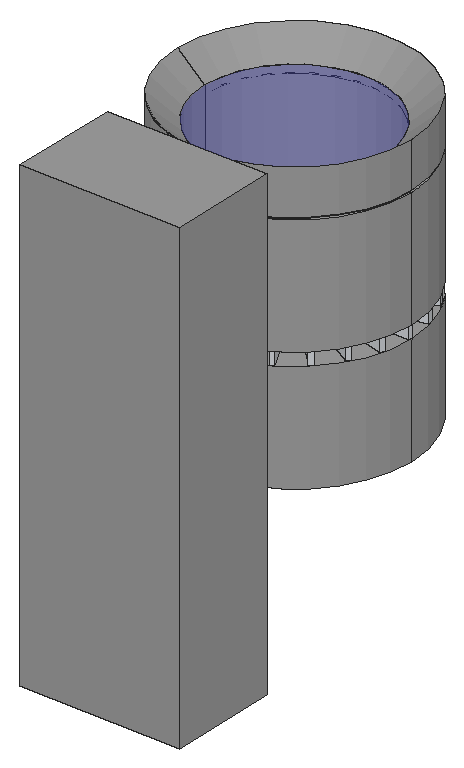
Revit family "Alcon-13308-Revit-Family", category Generic Models, host Face, Revit 2025
Family settings
  Host = Face
  Can host rebar = No
  Round Connector Dimension = Use Diameter
  Part Type = Normal
  Cut with Voids When Loaded = No
  Maintain Annotation Orientation = No
  Shared = No
  Room Calculation Point = No
Parameters
  URL = "https://www.alconlighting.com/?srsltid=AfmBOooDPhGQ0dEP-X2PMtxFfvvWpIAEL4jCll_O2F4_to5onvhnBomy"
  Product Page URL = "https://www.alconlighting.com/13308.html"
  Model = "13308"
  Manufacturer = "ALCON Lighting"
  Fixture Rotation = 90.00°
  Default Elevation = 4' - 0"
  Body = Default
Reference planes (in)
  plane 1 "Center (Front/Back)": y = 0
  plane 2: z = 0
  plane 3 "Center (Left/Right)": x = 0
Forms (in)
  Extrusion 1, solid, material "Default" <- "Body"
    sketch origin (0, -1.49745, 0.5) x (1, 0, 0) y (0, -1, 0)
      loop
        arc (-0.375, -0.3125) -> (-0.35669, -0.35669) -> (-0.3125, -0.375) r 0.0625
        line (-0.3125, -0.375) -> (0.3125, -0.375)
        arc (0.3125, -0.375) -> (0.35669, -0.35669) -> (0.375, -0.3125) r 0.0625
        line (0.375, -0.3125) -> (0.375, 0.3125)
        arc (0.375, 0.3125) -> (0.35669, 0.35669) -> (0.3125, 0.375) r 0.0625
        line (0.3125, 0.375) -> (-0.3125, 0.375)
        arc (-0.3125, 0.375) -> (-0.35669, 0.35669) -> (-0.375, 0.3125) r 0.0625
        line (-0.375, 0.3125) -> (-0.375, -0.3125)
    from 0 to 0.5
  Extrusion 2, solid, material "Default" <- "Body"
    sketch origin (0, -2.72745, 0.5) x (1, 0, 0) y (0, 1, 0)
      loop
        line (-1.19, 0.74) -> (-1.19, -0.9) -> (1.19, -0.9) -> (1.19, 0.74) -> (-1.19, 0.74)
    from 0 to 6.97
  Extrusion 3, solid
    sketch origin (0, -1.49745, 0.5) x (1, 0, 0) y (0, 1, 0)
      loop
        line (0.3125, 0.4375) -> (-0.3125, 0.4375)
        arc (-0.3125, 0.4375) -> (-0.40089, 0.40089) -> (-0.4375, 0.3125) r 0.125
        line (-0.4375, 0.3125) -> (-0.4375, -0.49) -> (0.4375, -0.49) -> (0.4375, 0.3125)
        arc (0.4375, 0.3125) -> (0.40089, 0.40089) -> (0.3125, 0.4375) r 0.125
    from 0 to 0.625
Lines and regions (in)
  reference lines
    curve 1: line (0, 0, 4) -> (0, 0, 5.09464)
    curve 2: line (-3.985, 0, 5.09464) -> (4.015, 0, 5.09464)
Dimensions and locks (in)
  "Fixture Rotation": angle nested 1 to curve 2
  aligned and locked: plane 2 to host face
  aligned and locked: level to host face
Automatic sketch dimensions
  host sketch curve to host sketch curve = 8' - 0"  (x2)
  Extrusion 1 sketch curve to plane 3 "Center (Left/Right)" = 0' - 0 3/8"
  Extrusion 1 sketch curve to Extrusion 1 sketch curve = 0' - 0 1/16"  (x3)
  plane 3 "Center (Left/Right)" to Extrusion 1 sketch curve = 0' - 0 5/16"  (x2)
  plane 1 "Center (Front/Back)" to Extrusion 1 sketch curve = 0' - 1.87245"
  Extrusion 1 sketch curve to Extrusion 1 sketch curve = 0' - 0 5/8"
  Extrusion 1 to Extrusion 2 sketch curve = 0' - 0.815"  (x2)
  Extrusion 1 to Extrusion 2 sketch curve = 0' - 0.115"
  Extrusion 2 sketch curve to Extrusion 2 sketch curve = 0' - 1.64"
  curve 1 to plane 3 "Center (Left/Right)" = 0' - 0"
  level to curve 1 = 0' - 4"
  curve 2 to curve 1 = 0' - 3.985"
  plane 3 "Center (Left/Right)" to curve 2 = 0' - 4.015"
  curve 1 to curve 2 = 0' - 1.09464"
  Extrusion 3 sketch curve to Extrusion 1 = 0' - 0 1/16"
  Extrusion 1 to Extrusion 3 sketch curve = 0' - 0 1/16"
  Extrusion 1 to Extrusion 3 sketch curve = 0' - 0.115"
  radius of Extrusion 1 to Extrusion 3 sketch curve = 0' - 0 1/16"
Nested families (in)
  nested 1: "Alcon - 13308 Cylinder" at (0.0075, 0, 5.10214) x (0, 0, -1) z (0, -1, 0), type "Alcon - 13308 Cylinder"
    with built-in parameter 1001306 0.33333 (stored number, unit not read)
Definition of nested family "Alcon - 13308 Cylinder"
  Parameters (values of type "Alcon - 13308 Cylinder")
    Wattage = 9.2903 W
    built-in parameter 1150110 = 1 (stored number, unit not read)
    built-in parameter 1114217 = 1 (stored number, unit not read)
    Tilt Angle = 60.00°
    built-in parameter 1150109 = 1 (stored number, unit not read)
    built-in parameter 1150134 = 3
    built-in parameter 1150113 = 1 (stored number, unit not read)
    built-in parameter 1010507 = 1.5708 (stored number, unit not read)
    built-in parameter 1010506 = 0.5236 (stored number, unit not read)
    built-in parameter 1150105 = 4614.1 (stored number, unit not read)
    Lumens = 1380 lm
    built-in parameter 1150115 = 1 (stored number, unit not read)
    Light Source Symbol Length = 10' - 0"
    built-in parameter 1150137 = (empty or 0)
    built-in parameter 1150139 = (empty or 0)
    built-in parameter 1001306 [instance] = 4' - 0"
    built-in parameter 1150112 = 1 (stored number, unit not read)
    built-in parameter 1150114 = 1 (stored number, unit not read)
    built-in parameter 1150132 = (empty or 0)
    built-in parameter 1150102 = (empty or 0)
    built-in parameter 1150107 = 3200 (stored number, unit not read)
    built-in parameter 1150138 = (empty or 0)
    built-in parameter 1150106 = 46.141 (stored number, unit not read)
    Glass = none
    built-in parameter 1150104 = 13.8 (stored number, unit not read)
    Dimming Lamp Color Temperature Shift = (empty or 0)
    Default Elevation = 0' - 0"
    Color Filter = 16777215
    Body = none
    built-in parameter 1114218 = 1 (stored number, unit not read)
    built-in parameter 1150133 = 10 (stored number, unit not read)
  Reference planes (in)
    plane 1 "Center (Front/Back)": y = 0
    plane 2: z = 0
    plane 3 "Left": x = 0
    plane 4 "Right": x = 48
  Forms (in)
    Revolve 1, solid, material <- "Body"
      sketch origin (0.905, 0, 0) x (1, 0, 0) y (0, 1, 0)
        loop
          line (-3.06, 1.75) -> (-2.69977, 1.345) -> (1.125, 1.345) -> (1.125, 0) -> (1.25, 0) -> (1.25, 1.75) -> (-2.35297, 1.75) -> (-2.35297, 1.71875) -> (-2.38422, 1.71875) -> (-2.38422, 1.75) -> (-3.06, 1.75)
        axis (1.25, 0) -> (-3.06, 0)
      angle from 0 to 360
    Extrusion 2, solid, material <- "Glass"
      sketch origin (0, 0, 0) x (0, 1, 0) y (0, 0, 1)
        loop
          circle (0, 0) r 1.345
      from -1.79477 to -1.67899
    Extrusion 3, solid, material <- "Body"
      sketch origin (0, 0, 0.58572) x (0, -1, 0) y (1, 0, 0)
        loop
          circle (0, 0) r 0.32436
      from 1.40172 to 0.99603
    Extrusion 4, void
      sketch origin (0.43826, 0, 0) x (1, 0, 0) y (0, 0, 1)
        loop
          line (-0.1139, -2.03523) -> (0.07694, -2.03523) -> (0.07694, 2.38617) -> (-0.1139, 2.38617) -> (-0.1139, -2.03523)
      from -2.23779 to 2.24226
    Extrusion 5, solid
      sketch origin (0, 0, 0) x (0, 1, 0) y (0, 0, 1)
        loop
          line (1.72849, 0.03429) -> (1.35831, 0.03429) -> (1.35831, -0.03429) -> (1.72849, -0.03429) -> (1.72849, 0.03429)
        loop
          line (1.67847, 0.41425) -> (1.66072, 0.48048) -> (1.30315, 0.38467) -> (1.3209, 0.31844) -> (1.67847, 0.41425)
        loop
          line (1.51406, 0.83455) -> (1.47977, 0.89394) -> (1.15919, 0.70885) -> (1.19347, 0.64946) -> (1.51406, 0.83455)
        loop
          line (1.24647, 1.19798) -> (1.19798, 1.24647) -> (0.93623, 0.98471) -> (0.98471, 0.93623) -> (1.24647, 1.19798)
        loop
          line (0.89394, 1.47977) -> (0.83455, 1.51406) -> (0.64946, 1.19347) -> (0.70885, 1.15919) -> (0.89394, 1.47977)
        loop
          line (0.48048, 1.66072) -> (0.41425, 1.67847) -> (0.31844, 1.3209) -> (0.38467, 1.30315) -> (0.48048, 1.66072)
        loop
          line (0.03429, 1.72849) -> (-0.03429, 1.72849) -> (-0.03429, 1.35831) -> (0.03429, 1.35831) -> (0.03429, 1.72849)
        loop
          line (-0.41425, 1.67847) -> (-0.48048, 1.66072) -> (-0.38467, 1.30315) -> (-0.31844, 1.3209) -> (-0.41425, 1.67847)
        loop
          line (-0.83455, 1.51406) -> (-0.89394, 1.47977) -> (-0.70885, 1.15919) -> (-0.64946, 1.19347) -> (-0.83455, 1.51406)
        loop
          line (-1.19798, 1.24647) -> (-1.24647, 1.19798) -> (-0.98471, 0.93623) -> (-0.93623, 0.98471) -> (-1.19798, 1.24647)
        loop
          line (-1.47977, 0.89394) -> (-1.51406, 0.83455) -> (-1.19347, 0.64946) -> (-1.15919, 0.70885) -> (-1.47977, 0.89394)
        loop
          line (-1.66072, 0.48048) -> (-1.67847, 0.41425) -> (-1.3209, 0.31844) -> (-1.30315, 0.38467) -> (-1.66072, 0.48048)
        loop
          line (-1.72849, 0.03429) -> (-1.72849, -0.03429) -> (-1.35831, -0.03429) -> (-1.35831, 0.03429) -> (-1.72849, 0.03429)
        loop
          line (-1.67847, -0.41425) -> (-1.66072, -0.48048) -> (-1.30315, -0.38467) -> (-1.3209, -0.31844) -> (-1.67847, -0.41425)
        loop
          line (-1.51406, -0.83455) -> (-1.47977, -0.89394) -> (-1.15919, -0.70885) -> (-1.19347, -0.64946) -> (-1.51406, -0.83455)
        loop
          line (-1.24647, -1.19798) -> (-1.19798, -1.24647) -> (-0.93623, -0.98471) -> (-0.98471, -0.93623) -> (-1.24647, -1.19798)
        loop
          line (-0.89394, -1.47977) -> (-0.83455, -1.51406) -> (-0.64946, -1.19347) -> (-0.70885, -1.15919) -> (-0.89394, -1.47977)
        loop
          line (-0.48048, -1.66072) -> (-0.41425, -1.67847) -> (-0.31844, -1.3209) -> (-0.38467, -1.30315) -> (-0.48048, -1.66072)
        loop
          line (-0.03429, -1.72849) -> (0.03429, -1.72849) -> (0.03429, -1.35831) -> (-0.03429, -1.35831) -> (-0.03429, -1.72849)
        loop
          line (0.41425, -1.67847) -> (0.48048, -1.66072) -> (0.38467, -1.30315) -> (0.31844, -1.3209) -> (0.41425, -1.67847)
        loop
          line (0.83455, -1.51406) -> (0.89394, -1.47977) -> (0.70885, -1.15919) -> (0.64946, -1.19347) -> (0.83455, -1.51406)
        loop
          line (1.19798, -1.24647) -> (1.24647, -1.19798) -> (0.98471, -0.93623) -> (0.93623, -0.98471) -> (1.19798, -1.24647)
        loop
          line (1.47977, -0.89394) -> (1.51406, -0.83455) -> (1.19347, -0.64946) -> (1.15919, -0.70885) -> (1.47977, -0.89394)
        loop
          line (1.66072, -0.48048) -> (1.67847, -0.41425) -> (1.3209, -0.31844) -> (1.30315, -0.38467) -> (1.66072, -0.48048)
      from 0.32436 to 0.51521
  Cuts and joins
    Extrusion 4 cuts Revolve 1
  Lines and regions (in)
    reference lines
      curve 1: line (0, 0, 0) -> (48, 0, 0)
    model lines
      curve 2: line (0, 0, 0) -> (-8.5, 0, 0)
  Dimensions and locks (in)
    "built-in parameter 1001306": plane 3 "Left" to plane 4 "Right"
    aligned and locked: plane 4 "Right" to curve 1
    aligned and locked: plane 1 "Center (Front/Back)" to curve 1
    aligned and locked: plane 3 "Left" to curve 1
    aligned and locked: level to plane 2
  Automatic sketch dimensions
    plane 3 "Left" to Extrusion 4 sketch curve = 0' - 0.32436"
    plane 3 "Left" to Extrusion 4 sketch curve = 0' - 0.51521"
    Extrusion 4 sketch curve to level = 0' - 2.03523"
    level to Extrusion 4 sketch curve = 0' - 2.38617"
    plane 1 "Center (Front/Back)" to curve 2 = 0' - 0"
    curve 2 to plane 3 "Left" = 0' - 0"
    curve 2 to plane 3 "Left" = 0' - 8 1/2"
    Extrusion 5 sketch curve to Extrusion 5 sketch curve = 0' - 0.37018"  (x2)
    Extrusion 5 sketch curve to Extrusion 5 sketch curve = 0' - 0.06857"
    level to Extrusion 5 sketch curve = 0' - 0.03429"  (x2)
    Extrusion 5 sketch curve to plane 1 "Center (Front/Back)" = 0' - 1.35831"
    level to Extrusion 5 sketch curve = 0' - 0.31844"  (x2)
    Extrusion 5 sketch curve to Extrusion 5 sketch curve = 0' - 0.03741"  (x4)
    level to Extrusion 5 sketch curve = 0' - 0.38467"
    Extrusion 5 sketch curve to Extrusion 5 sketch curve = 0' - 0.01775"  (x8)
    level to Extrusion 5 sketch curve = 0' - 0 123/256"  (x2)
    level to Extrusion 5 sketch curve = 0' - 0.64946"
    Extrusion 5 sketch curve to Extrusion 5 sketch curve = 0' - 0.10968"  (x4)
    level to Extrusion 5 sketch curve = 0' - 0.70885"
    Extrusion 5 sketch curve to Extrusion 5 sketch curve = 0' - 0.03429"  (x8)
    level to Extrusion 5 sketch curve = 0' - 0.89394"
    Extrusion 5 sketch curve to Extrusion 5 sketch curve = 0' - 0.17447"  (x4)
    Extrusion 5 sketch curve to Extrusion 5 sketch curve = 0' - 0.04849"  (x8)
    Extrusion 5 sketch curve to Extrusion 5 sketch curve = 0' - 0.26176"  (x3)
    Extrusion 5 sketch curve to Extrusion 5 sketch curve = 0' - 0.22738"  (x6)
    Extrusion 5 sketch curve to Extrusion 5 sketch curve = 0' - 0.30405"  (x2)
    Extrusion 5 sketch curve to Extrusion 5 sketch curve = 0' - 0.05939"  (x5)
    Extrusion 5 sketch curve to Extrusion 5 sketch curve = 0' - 0.35407"  (x2)
    Extrusion 5 sketch curve to Extrusion 5 sketch curve = 0' - 0.06624"  (x4)
    Extrusion 5 sketch curve to Extrusion 5 sketch curve = 0' - 0.26479"  (x4)
    Extrusion 5 sketch curve to plane 1 "Center (Front/Back)" = 0' - 0.03429"  (x2)
    plane 1 "Center (Front/Back)" to Extrusion 5 sketch curve = 0' - 0.03429"  (x2)
    Extrusion 5 sketch curve to Extrusion 5 sketch curve = 0' - 0.28415"  (x2)
    Extrusion 5 sketch curve to Extrusion 5 sketch curve = 0' - 0.09581"  (x2)
    Extrusion 5 sketch curve to Extrusion 5 sketch curve = 0' - 0.05516"
    Extrusion 5 sketch curve to Extrusion 5 sketch curve = 0' - 0.18509"  (x2)
    Extrusion 5 sketch curve to Extrusion 5 sketch curve = 0' - 0.14397"
    Extrusion 5 sketch curve to Extrusion 5 sketch curve = 0' - 0.22296"
    Extrusion 5 sketch curve to Extrusion 5 sketch curve = 0' - 0.2333"  (x4)
    level to Extrusion 5 sketch curve = 0' - 0.83455"
    Extrusion 5 sketch curve to Extrusion 5 sketch curve = 0' - 0.20876"
    Extrusion 5 sketch curve to Extrusion 5 sketch curve = 0' - 0.28676"
    Extrusion 5 sketch curve to Extrusion 5 sketch curve = 0' - 0.14666"  (x4)
    level to Extrusion 5 sketch curve = 0' - 0.41425"
    Extrusion 5 sketch curve to Extrusion 5 sketch curve = 0' - 0.05002"  (x4)
    Extrusion 5 sketch curve to level = 0' - 0.03429"
    Extrusion 5 sketch curve to level = 0' - 0.41425"
    Extrusion 5 sketch curve to level = 0' - 0 123/256"  (x2)
    Extrusion 5 sketch curve to level = 0' - 0.31844"  (x2)
    Extrusion 5 sketch curve to level = 0' - 0.89394"
    Extrusion 5 sketch curve to level = 0' - 0.64946"
    Extrusion 5 sketch curve to Extrusion 5 sketch curve = 0' - 0.32059"
    Extrusion 5 sketch curve to Extrusion 5 sketch curve = 0' - 0.24448"
    Extrusion 5 sketch curve to level = 0' - 0.38467"
    Extrusion 2 sketch curve to level = 0' - 0"
    Extrusion 2 sketch curve to plane 1 "Center (Front/Back)" = 0' - 0"
    plane 1 "Center (Front/Back)" to Revolve 1 sketch curve = 0' - 0"  (x2)
    Revolve 1 sketch curve to plane 3 "Left" = 0' - 2.155"
    Revolve 1 sketch curve to Revolve 1 sketch curve = 0' - 0 173/256"
    Revolve 1 sketch curve to Revolve 1 sketch curve = 0' - 0 1/32"  (x2)
    plane 3 "Left" to Revolve 1 sketch curve = 0' - 2.03"
    Revolve 1 sketch curve to Revolve 1 sketch curve = 0' - 0 1/8"
    Revolve 1 sketch curve to plane 1 "Center (Front/Back)" = 0' - 1.345"
    Revolve 1 sketch curve to Revolve 1 sketch curve = 0' - 0.37375"
    Revolve 1 sketch curve to Revolve 1 sketch curve = 0' - 0"
    Revolve 1 sketch curve to Revolve 1 sketch curve = 0' - 0.31555"
    Revolve 1 sketch curve to plane 3 "Left" = 0' - 0.02126"
    Revolve 1 sketch curve to Revolve 1 sketch curve = 0' - 0.94901"
    plane 1 "Center (Front/Back)" to Extrusion 3 sketch curve = 0' - 0"
    Extrusion 3 sketch curve to plane 3 "Left" = 0' - 0"
    radius of Extrusion 2 sketch curve = 0' - 1.345"
    radius of Extrusion 3 sketch curve = 0' - 0.32436"
